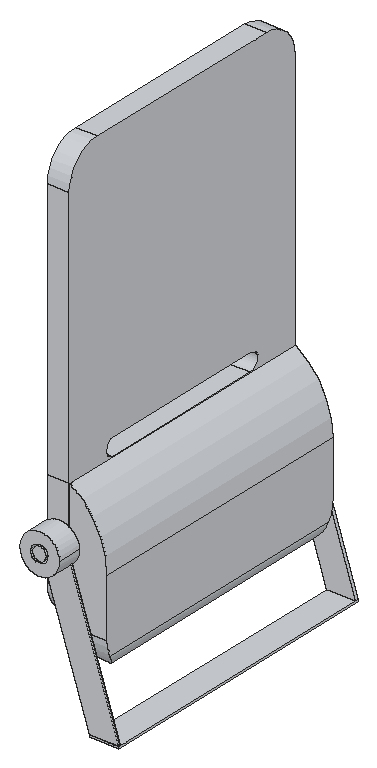
Revit family "2824008", category Generic Models, host Face, Revit 2018
Family settings
  Host = Face
  Can host rebar = No
  Round Connector Dimension = Use Diameter
  Part Type = Normal
  OmniClass Number = 23.80.70.00
  OmniClass Title = Lighting
  Cut with Voids When Loaded = No
  Shared = No
  Room Calculation Point = No
Parameters (values of type "Type Name")
  rotation axis = 142.4 mm
  bracket width = 288 mm
  URL = "http://www.sylvania-lighting.com"
  Type Image = <None>
  Type Comments = "n/a"
  Material_3_SYL = none
  Model = ""
  Manufacturer = "Feilo Sylvania"
  Keynote = ""
  Material_2_SYL = none
  Height = 157.859 mm
  Description = ""
  Default Elevation = 1219.2 mm
  Cost = 0
  Material_1_SYL = none
  Bracket Height = 195 mm
  Assembly Code = ""
  Material_4_SYL = none
Reference planes
  plane 1 "Center (Front/Back)": y = 0
  plane 2: z = 0
  plane 3 "Center (Left/Right)": x = 0
  plane 4: x = -16.5
  plane 5: x = 16.5
  plane 6: z = 155
  plane 7: x = -51.5
  plane 8: z = 137
  plane 9 "Rotation Axis": z = 142.4
  plane 10: z = 152.35
  plane 11: z = 195
  plane 12: x = -73.847
  plane 13: y = -187
  plane 14: y = 187
  plane 15: y = -160
  plane 16: y = 169
  plane 17: y = -169
  plane 18: through (-72.693, -4572, 174.07) normal (-0.3105, 0, 0.9506)
  plane 19: through (-63.557, -4572, 193.954) normal (0.9506, 0, 0.3105)
  plane 20: y = 162
  plane 21: z = 65
Forms (mm)
  Extrusion 1, solid, detail levels medium+fine
    sketch origin (0, 0, 0) x (1, 0, 0) y (0, 1, 0)
      loop
        line (-16.5, 169) -> (-16.5, -169) -> (16.5, -169) -> (16.5, 169) -> (-16.5, 169)
    from 0 to 2
  Extrusion 2, solid, detail levels medium+fine
    sketch origin (1524, -349.9, 1220.035) x (1, 0, 0) y (0, 0, 1)
      loop
        line (-1540.496, -1218.035) -> (-1507.966, -1218.035) -> (-1567.674, -1035.217)
        arc (-1567.674, -1035.217) -> (-1587.557, -1026.081) -> (-1596.693, -1045.965) r 15.473
        line (-1596.693, -1045.965) -> (-1540.496, -1218.035)
    from -180.9 to -182.9
  Extrusion 3, solid, detail levels medium+fine
    sketch origin (0, 0, 0.069) x (1, 0, 0) y (0, 0, 1)
      loop
        line (-16.39, 1.931) -> (16.139, 1.931) -> (-43.636, 184.958)
        arc (-43.636, 184.958) -> (-63.457, 193.922) -> (-72.656, 174.21) r 15.474
        line (-72.656, 174.21) -> (-16.39, 1.931)
    from -169 to -167
  Extrusion 4, solid, detail levels medium+fine
    sketch origin (-6.388, 0, 36.204) x (1, 0, 0) y (0, 0, 1)
      loop
        circle (-51.99, 142.374) r 22.5
    from -162 to -187
  Extrusion 5, solid, detail levels medium+fine
    sketch origin (-6.358, 0, 36.195) x (1, 0, 0) y (0, 0, 1)
      loop
        circle (-51.99, 142.374) r 22.5
    from 160 to 187
  Extrusion 6, void
    sketch origin (-6.256, 0, 44.074) x (1, 0, 0) y (0, 0, 1)
      loop
        circle (-52.373, 134.652) r 10
    from 169 to 187
  Extrusion 7, solid, detail levels fine
    sketch origin (-6.561, 0, 36.201) x (1, 0, 0) y (0, 0, 1)
      loop
        circle (-51.99, 142.374) r 7.5
    from 169 to 187
  Extrusion 8, void
    sketch origin (1517.357, -324.9, 1255.472) x (1, 0, 0) y (0, 0, 1)
      loop
        circle (-1575.99, -1076.826) r 10
    from -511.9 to -493.9
  Extrusion 9, solid, detail levels fine
    sketch origin (1517.42, -324.9, 1255.374) x (1, 0, 0) y (0, 0, 1)
      loop
        circle (-1575.99, -1076.826) r 7.5
    from -511.9 to -493.9
  Revolve 10, solid, not visible, detail levels coarse
    sketch origin (-58.257, 1520.93, 1255.151) x (0, 1, 0) y (0, 0, 1)
      loop
        line (-1362.428, -1054.349) -> (-1379.437, -1054.349) -> (-1379.437, -1074.349) -> (-1362.428, -1074.349) -> (-1362.428, -1054.349)
      axis (-1362.428, -1076.8) -> (-1379.437, -1076.8)
    angle from 0 to 180
Cuts and joins
  Extrusion 6 cuts Extrusion 5
  Extrusion 8 cuts Extrusion 4
Dimensions and locks
  "Bracket Height": plane 11 to level
  plane 17 to plane 16 = 338 mm
  equal spacing: plane 17, plane 1 "Center (Front/Back)", plane 16
  plane 13 to cut or joined group of Extrusion 5, Extrusion 6 = 18 mm
  aligned and locked: plane 2 to host face
  aligned and locked: level to host face
Automatic sketch dimensions
  host sketch curve to host sketch curve = 2438.4 mm  (x2)
  Extrusion 1 sketch curve to plane 4 = 0 mm
  Extrusion 1 sketch curve to plane 5 = 0 mm
  Extrusion 4 sketch curve to plane 9 "Rotation Axis" = 36.178 mm
  Extrusion 5 sketch curve to plane 9 "Rotation Axis" = 36.169 mm
  Extrusion 6 sketch curve to plane 9 "Rotation Axis" = 36.326 mm
  Extrusion 7 sketch curve to plane 9 "Rotation Axis" = 36.175 mm
  Extrusion 8 sketch curve to plane 9 "Rotation Axis" = 36.246 mm
  Extrusion 9 sketch curve to plane 9 "Rotation Axis" = 36.148 mm
  Revolve 10 sketch curve to plane 9 "Rotation Axis" = 35.951 mm
  Revolve 10 sketch curve to Revolve 10 sketch curve = 17.009 mm
  Revolve 10 sketch curve to plane 9 "Rotation Axis" = 38.402 mm
  plane 6 to Revolve 10 sketch curve = 45.802 mm
  Revolve 10 sketch curve to Revolve 10 sketch curve = 62.43 mm
  Revolve 10 sketch curve to Revolve 10 sketch curve = 22.367 mm
  plane 12 to Extrusion 2 sketch curve = 1.154 mm
  plane 7 to Extrusion 2 sketch curve = 6.684 mm
  Extrusion 2 sketch curve to plane 7 = 7.826 mm
  plane 4 to Extrusion 2 sketch curve = 0.004 mm
  level to Extrusion 2 sketch curve = 2 mm
  plane 6 to Extrusion 2 sketch curve = 19.07 mm
  Extrusion 2 sketch curve to Extrusion 2 sketch curve = 5.374 mm
  Extrusion 2 sketch curve to plane 5 = 0.466 mm
  plane 12 to Extrusion 3 sketch curve = 1.191 mm
  plane 7 to Extrusion 3 sketch curve = 6.582 mm
  Extrusion 3 sketch curve to plane 7 = 7.864 mm
  plane 4 to Extrusion 3 sketch curve = 0.11 mm
  Extrusion 3 sketch curve to plane 5 = 0.361 mm
  level to Extrusion 3 sketch curve = 2 mm
  Extrusion 3 sketch curve to Extrusion 3 sketch curve = 5.202 mm
  Extrusion 3 sketch curve to plane 11 = 9.973 mm
  plane 7 to Extrusion 6 sketch curve = 7.13 mm
  plane 7 to Extrusion 7 sketch curve = 7.051 mm
  plane 7 to Extrusion 9 sketch curve = 7.07 mm
  plane 7 to Extrusion 4 sketch curve = 6.879 mm
  plane 7 to Extrusion 5 sketch curve = 6.848 mm
  plane 7 to Extrusion 8 sketch curve = 7.133 mm
  Extrusion 1 sketch curve to plane 16 = 0 mm
  Revolve 10 sketch curve to plane 20 = 20.508 mm
  Extrusion 1 sketch curve to plane 17 = 0 mm
  radius of Extrusion 4 sketch curve = 22.5 mm
  radius of Extrusion 5 sketch curve = 22.5 mm
  radius of Extrusion 6 sketch curve = 10 mm
  radius of Extrusion 7 sketch curve = 7.5 mm
  radius of Extrusion 8 sketch curve = 10 mm
  radius of Extrusion 9 sketch curve = 7.5 mm
Nested families
  nested 1: "2824008" at (-58.257, -67.51, 317.776) x (0, 1, 0) z (1, 0, 0), type "2824008 RAIDEN IP66 12KLM 830 WIDE"
    with built-in parameter 1114216 (empty or 0)
Definition of nested family "2824008"
  Parameters (values of type "2824008 RAIDEN IP66 12KLM 830 WIDE")
    height = 60 mm
    Width = 319 mm
    Wattage Comments = "n/a"
    Wattage = 9.2903 W
    built-in parameter 1150110 = 1 (stored number, unit not read)
    URL = "0.95"
    Type Image = (empty or 0)
    Type Comments = "n/a"
    built-in parameter 1114217 = 1 (stored number, unit not read)
    Tilt Angle = -90.00°
    built-in parameter 1150109 = 1 (stored number, unit not read)
    built-in parameter 1150134 = 3
    built-in parameter 1150113 = 1 (stored number, unit not read)
    Photometric Web File = "2824008.IES"
    Material_3_SYL = none
    Model = "Raiden IP66 12KLM 830 Symmetric Wide"
    Manufacturer = ""
    built-in parameter 1150105 = 109.82 (stored number, unit not read)
    Lumens = 1380 lm
    built-in parameter 1150115 = 1 (stored number, unit not read)
    built-in parameter 1150137 = (empty or 0)
    built-in parameter 1150139 = (empty or 0)
    Length = 511 mm
    built-in parameter 1150112 = 1 (stored number, unit not read)
    built-in parameter 1150114 = 1 (stored number, unit not read)
    Lamp = "n/a"
    Keynote = "n/a"
    Material_2_SYL = none
    built-in parameter 1150132 = (empty or 0)
    built-in parameter 1150102 = (empty or 0)
    built-in parameter 1150107 = 3200 (stored number, unit not read)
    built-in parameter 1150138 = (empty or 0)
    built-in parameter 1150106 = 1.0982 (stored number, unit not read)
    Emit from Circle Diameter = 609.6 mm
    Emit Shape Visible in Rendering = no
    built-in parameter 1150104 = 13.8 (stored number, unit not read)
    Dimming Lamp Color Temperature Shift = (empty or 0)
    Description = "Outdoor and indoor floodlight range with in house design, comes complete with 1m flying lead and adjustable bracket, aluminium housing, RAL 9022 - Pearl light grey, clear glass diffuser, IP66, IK08, Class I, 3000K, Non-dimming, 12300lm, 90W, 137lm/W, CRI80, Symmetric Wide beam angle 60°, 100000 hrs L80B50 lifespan, 511x319x76mm (LxWxH) dimensions, 6.1kg weight."
    Default Elevation = 1219.2 mm
    Cost = 0
    Color Filter = 16777215
    built-in parameter 1114216 [instance] = (empty or 0)
    Material_1_SYL = none
    built-in parameter 1114218 = 1 (stored number, unit not read)
    built-in parameter 1150133 = 10 (stored number, unit not read)
    Assembly Code = "D5020200"
    Apparent Load = 90 VA
    Material_4_SYL = none
  Reference planes
    plane 1 "Center (Front/Back)": y = 2.5
    plane 2: z = 0.95
    plane 3 "Center (Left/Right)": x = 68.124
    plane 4: z = -14.05
    plane 5: z = 15.95
    plane 6: x = 227.624
    plane 7: z = 0.95
    plane 8: z = 45.95
    plane 9: x = -91.376
    plane 10: y = -253
    plane 11: y = 258
    plane 12: y = 5.117
    plane 13: y = -56
    plane 14: y = -49.461
    plane 15: x = 175.624
    plane 16: x = -39.376
    plane 17: x = 1.624
    plane 18: y = -226
    plane 19: y = 236
    plane 20: y = -76
    plane 21: y = -16
    plane 22: x = -67.376
    plane 23: y = -213
    plane 24: x = -51.376
    plane 25: x = 187.624
    plane 26: x = 227.624
    plane 27: x = 134.624
  Forms (mm)
    Extrusion 1, solid
      sketch origin (26.073, 0, 0.95) x (1, 0, 0) y (0, 1, 0)
        loop
          line (-1219.2, 1219.2) -> (-1219.2, -1219.2) -> (1219.2, -1219.2) -> (1219.2, 1219.2) -> (-1219.2, 1219.2)
      from 0 to -68.017
    Extrusion 2, solid, detail levels medium+fine
      sketch origin (83.124, -34.451, 0.95) x (1, 0, 0) y (0, 1, 0)
        loop
          line (-174.5, 253) -> (-174.5, -151.549)
          arc (-174.5, -151.549) -> (-162.784, -179.833) -> (-134.5, -191.549) r 40
          line (-134.5, -191.549) -> (104.5, -191.549)
          arc (104.5, -191.549) -> (132.784, -179.833) -> (144.5, -151.549) r 40
          line (144.5, -151.549) -> (144.5, 253)
          arc (144.5, 253) -> (132.784, 281.284) -> (104.5, 293) r 40
          line (104.5, 293) -> (-134.5, 293)
          arc (-134.5, 293) -> (-162.784, 281.284) -> (-174.5, 253) r 40
      from -15 to 9.702
    Extrusion 3, solid, detail levels medium+fine
      sketch origin (402.124, 1489.549, 1205.15) x (0, 1, 0) y (0, 0, 1)
        loop
          line (-1644.468, -1151.519) -> (-1728.014, -1151.519)
          arc (-1728.014, -1151.519) -> (-1739.904, -1157.404) -> (-1742.436, -1170.427) r 14.954
          line (-1742.436, -1170.427) -> (-1715.549, -1219.2) -> (-1565.549, -1219.2) -> (-1565.549, -1194.2)
          arc (-1565.549, -1194.2) -> (-1599.607, -1162.873) -> (-1644.468, -1151.519) r 94.303
      from -493.5 to -174.5
    Extrusion 4, void
      sketch origin (81.72, -11.578, 0.95) x (1, 0, 0) y (0, 1, 0)
        loop
          arc (-149.096, 10.578) -> (-144.703, -0.029) -> (-134.096, -4.422) r 15
          line (-134.096, -4.422) -> (106.904, -4.422)
          arc (106.904, -4.422) -> (117.51, -0.029) -> (121.904, 10.578) r 15
          line (121.904, 10.578) -> (121.904, 232.578)
          arc (121.904, 232.578) -> (117.51, 243.184) -> (106.904, 247.578) r 15
          line (106.904, 247.578) -> (-134.096, 247.578)
          arc (-134.096, 247.578) -> (-144.703, 243.184) -> (-149.096, 232.578) r 15
          line (-149.096, 232.578) -> (-149.096, 10.578)
      from -16.268 to -10.594
    Extrusion 5, solid, detail levels fine
      sketch origin (83.124, 0.218, 0.95) x (1, 0, 0) y (0, 1, 0)
        loop
          arc (-135.5, 235.782) -> (-146.107, 231.388) -> (-150.5, 220.782) r 15
          line (-150.5, 220.782) -> (-150.5, -1.218)
          arc (-150.5, -1.218) -> (-146.107, -11.825) -> (-135.5, -16.218) r 15
          line (-135.5, -16.218) -> (105.5, -16.218)
          arc (105.5, -16.218) -> (116.107, -11.825) -> (120.5, -1.218) r 15
          line (120.5, -1.218) -> (120.5, 220.782)
          arc (120.5, 220.782) -> (116.107, 231.388) -> (105.5, 235.782) r 15
          line (105.5, 235.782) -> (-135.5, 235.782)
      from -12.231 to -10.594
    Extrusion 6, void
      sketch origin (59.01, -67.578, 0.95) x (1, 0, 0) y (0, 1, 0)
        loop
          arc (106.512, -8.423) -> (116.512, 1.577) -> (106.512, 11.577) r 10
          line (106.512, 11.577) -> (-88.339, 11.577)
          arc (-88.339, 11.577) -> (-98.339, 1.577) -> (-88.339, -8.423) r 10
          line (-88.339, -8.423) -> (106.512, -8.423)
      from -18.734 to 12.525
    Extrusion 7, void
      sketch origin (68.124, -34.451, 0) x (0, 1, 0) y (0, 0, 1)
        loop
          line (-253.049, 15.95) -> (-253.049, -34.125) -> (-191.549, -30.902) -> (-191.549, 15.95) -> (-253.049, 15.95)
      from 66.5 to 210.265
    Extrusion 8, void
      sketch origin (68.124, -34.451, 0) x (0, 1, 0) y (0, 0, 1)
        loop
          line (-191.549, 15.95) -> (-275.432, 15.95) -> (-275.432, -28.004) -> (-191.549, -28.004) -> (-191.549, 15.95)
      from -190.34 to -66.5
    Extrusion 9, void
      sketch origin (23.624, -126, 0.95) x (1, 0, 0) y (0, 1, 0)
        loop
          line (-115, -60) -> (-115, -100) -> (-75, -100)
          arc (-75, -100) -> (-103.284, -88.284) -> (-115, -60) r 40
      from -22.043 to 15
    Extrusion 10, void
      sketch origin (91.954, 19.065, 0.95) x (1, 0, 0) y (0, 1, 0)
        loop
          line (95.67, -245.065) -> (135.67, -245.065) -> (135.67, -205.065)
          arc (135.67, -205.065) -> (123.954, -233.349) -> (95.67, -245.065) r 40
      from -24.354 to 15
    Extrusion 11, solid, detail levels medium+fine
      sketch origin (1607.216, -359.351, 1205.129) x (1, 0, 0) y (0, 0, 1)
        loop
          circle (-1419.5, -1204.2) r 11
      from -136.15 to -106.464
    Extrusion 12, void
      sketch origin (0, 0, 0.95) x (1, 0, 0) y (0, 1, 0)
        loop
          line (-91.376, -186) -> (-91.376, -226) -> (-51.376, -226)
          arc (-51.376, -226) -> (-79.66, -214.284) -> (-91.376, -186) r 40
      from 0 to 12.525
    Extrusion 13, void
      sketch origin (0, 0, 0.95) x (1, 0, 0) y (0, 1, 0)
        loop
          line (-91.376, -221) -> (-91.376, -261) -> (-51.376, -261)
          arc (-51.376, -261) -> (-79.66, -249.284) -> (-91.376, -221) r 40
      from 0 to 100
    Extrusion 14, void
      sketch origin (0, 0, 0.95) x (1, 0, 0) y (0, 1, 0)
        loop
          arc (227.624, -215.988) -> (215.905, -244.281) -> (187.612, -256) r 40.012
          line (187.612, -256) -> (227.624, -256) -> (227.624, -215.988)
      from 12.525 to 100
    Extrusion 15, solid, detail levels coarse
      sketch origin (0, 0, 0.95) x (1, 0, 0) y (0, 1, 0)
        loop
          line (-91.376, 258.549) -> (-91.376, -252.887) -> (227.624, -252.887) -> (227.624, 258.549) -> (-91.376, 258.549)
      from -15 to 52.681
  Cuts and joins
    Extrusion 4, Extrusion 6, Extrusion 7, Extrusion 8, Extrusion 9, Extrusion 10, Extrusion 12 cuts Extrusion 2
    Extrusion 6, Extrusion 7, Extrusion 8, Extrusion 9, Extrusion 10, Extrusion 12, Extrusion 13, Extrusion 14 cuts Extrusion 3
    Extrusion 14 cuts Extrusion 11
  Dimensions and locks
    "height": plane 4 to plane 8
    "Width": plane 9 to plane 6
    equal spacing: plane 9, plane 3 "Center (Left/Right)", plane 6
    equal spacing: plane 11, plane 1 "Center (Front/Back)", plane 10
    "Length": plane 11 to plane 10
    aligned and locked: plane 2 to Extrusion 1
    aligned and locked: level to Extrusion 1
  Automatic sketch dimensions
    Extrusion 1 sketch curve to Extrusion 1 sketch curve = 2438.4 mm  (x2)
    Extrusion 4 sketch curve to plane 3 "Center (Left/Right)" = 135.5 mm
    Extrusion 4 sketch curve to Extrusion 4 sketch curve = 15 mm  (x3)
    plane 1 "Center (Front/Back)" to Extrusion 4 sketch curve = 18.5 mm
    Extrusion 4 sketch curve to Extrusion 4 sketch curve = 222 mm
    Extrusion 5 sketch curve to plane 3 "Center (Left/Right)" = 135.5 mm
    Extrusion 5 sketch curve to Extrusion 5 sketch curve = 15 mm  (x2)
    plane 1 "Center (Front/Back)" to Extrusion 5 sketch curve = 18.5 mm
    Extrusion 5 sketch curve to Extrusion 5 sketch curve = 222 mm
    Extrusion 7 sketch curve to plane 5 = 0 mm
    Extrusion 7 sketch curve to plane 4 = 16.852 mm
    Extrusion 7 sketch curve to plane 4 = 20.075 mm
    Extrusion 8 sketch curve to plane 5 = 0 mm
    Extrusion 8 sketch curve to plane 4 = 13.954 mm
    Extrusion 8 sketch curve to Extrusion 8 sketch curve = 83.883 mm
    Extrusion 9 sketch curve to plane 3 "Center (Left/Right)" = 159.5 mm
    Extrusion 9 sketch curve to Extrusion 9 sketch curve = 40 mm
    Extrusion 10 sketch curve to plane 6 = 0 mm
    Extrusion 11 sketch curve to level = 0.021 mm
    Extrusion 4 sketch curve to plane 6 = 39 mm  (x2)
    Extrusion 5 sketch curve to plane 6 = 39 mm  (x2)
    Extrusion 5 sketch curve to plane 6 = 24 mm
    Extrusion 10 sketch curve to Extrusion 10 sketch curve = 40 mm
    Extrusion 11 sketch curve to plane 6 = 39.908 mm
    Extrusion 2 sketch curve to plane 9 = 0 mm
    Extrusion 2 sketch curve to plane 6 = 0 mm
    plane 10 to Extrusion 2 sketch curve = 27 mm
    plane 9 to Extrusion 2 sketch curve = 40 mm  (x2)
    Extrusion 2 sketch curve to plane 11 = 39.451 mm  (x2)
    Extrusion 2 sketch curve to plane 6 = 40 mm
    Extrusion 12 sketch curve to plane 9 = 0 mm
    Extrusion 12 sketch curve to plane 18 = 0 mm
    plane 22 to Extrusion 12 sketch curve = 16 mm
    Extrusion 13 sketch curve to plane 9 = 0 mm
    Extrusion 13 sketch curve to plane 24 = 0 mm
    Extrusion 13 sketch curve to plane 23 = 8 mm
    Extrusion 13 sketch curve to plane 10 = 8 mm
    Extrusion 14 sketch curve to plane 25 = 0.012 mm
    Extrusion 14 sketch curve to plane 6 = 0 mm
    Extrusion 14 sketch curve to plane 23 = 2.988 mm
    Extrusion 14 sketch curve to plane 10 = 3 mm
    Extrusion 7 sketch curve to plane 18 = 0 mm
    Extrusion 7 sketch curve to plane 10 = 34.5 mm
    Extrusion 8 sketch curve to plane 18 = 0 mm
    Extrusion 9 sketch curve to plane 18 = 0 mm
    Extrusion 10 sketch curve to plane 18 = 0 mm
    Extrusion 6 sketch curve to plane 13 = 0.001 mm
    Extrusion 6 sketch curve to plane 20 = 0.001 mm
    plane 16 to Extrusion 6 sketch curve = 10.047 mm
    Extrusion 6 sketch curve to plane 15 = 10.102 mm
    Extrusion 3 sketch curve to plane 4 = 0 mm
    Extrusion 3 sketch curve to plane 18 = 0 mm
    Extrusion 3 sketch curve to plane 20 = 0 mm
    plane 10 to Extrusion 3 sketch curve = 14.535 mm
    plane 10 to Extrusion 3 sketch curve = 0.113 mm
    Extrusion 3 sketch curve to plane 4 = 26.622 mm
    Extrusion 3 sketch curve to plane 8 = 11.227 mm
    Extrusion 3 sketch curve to plane 8 = 7.273 mm
    Extrusion 3 sketch curve to plane 5 = 5 mm
    Extrusion 15 sketch curve to plane 9 = 0 mm
    Extrusion 15 sketch curve to plane 6 = 0 mm
    plane 11 to Extrusion 15 sketch curve = 0.549 mm
    plane 10 to Extrusion 15 sketch curve = 0.113 mm
    radius of Extrusion 11 sketch curve = 11 mm
  Connectors
    electrical at (187.716, -252.887, 0.929)
      settings: on Extrusion 11, index 1, voltage 0 V, apparent load 0 VA, apparent load phase1 0 VA, apparent load phase2 0 VA, apparent load phase3 0 VA, power factor 1, load classification none, number of poles 1, system type 31, power factor state 1, is connector primary yes, connector utility no, sub classification motor no, connector description ""
